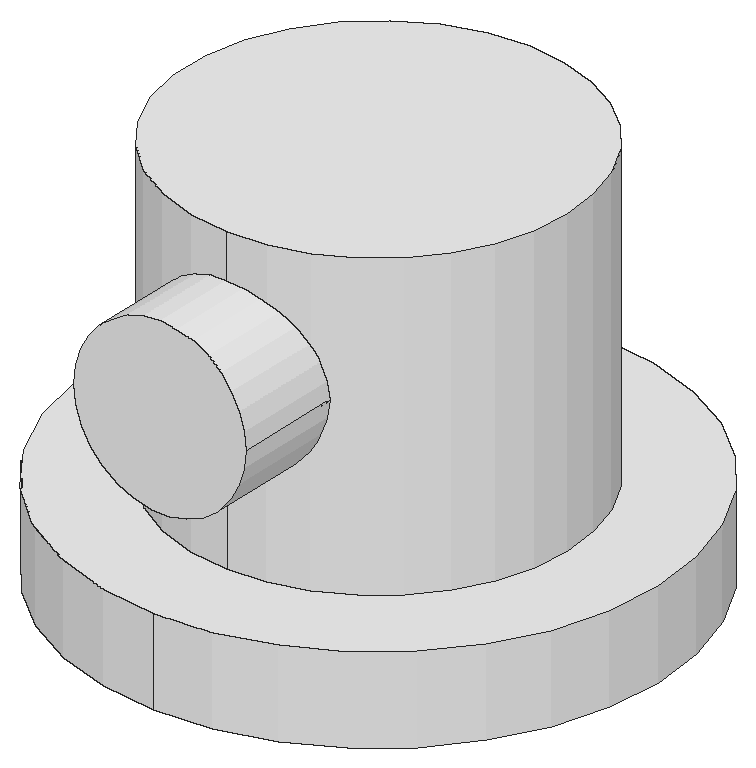
Revit family "Spout-BathSpout-WithHandshowerOutlet-Vitra-OriginSeries-A45223", category Plumbing Fixtures, host Face, Revit 2017
Family settings
  Host = Face
  Round Connector Dimension = Use Diameter
  Part Type = Normal
  OmniClass Number = 23.45.55.17
  OmniClass Title = Mixing Faucets
  Cut with Voids When Loaded = No
  Shared = Yes
  Room Calculation Point = No
Parameters (values of type "Spout-BathSpout-WithHandshowerOutlet-Vitra-OriginSeries-A45223")
  Youtube = "https://www.youtube.com/user/VitrAglobal"
  Weight Net (kg) = "0.42"
  Waste Connection = no
  Warranty Period (Year) = "10 Years"
  Vent Connection = no
  Uniformat II Description = "Plumbing Fixture"
  Uniformat II Code = "22 40 00"
  Uniclass 2015 Name = "Bath taps"
  Uniclass 2015 Code = "Pr_40_20_87_98"
  Uniclass 2.0 Description = "Mixer taps"
  Uniclass 2.0 Code = "Pr_40_20_87_09"
  Uniclass 1.4 Description = "Mixer taps"
  Uniclass 1.4 Code = "L725111"
  URL = "https://vitraglobal.com/"
  UNSPSC Description = ""
  UNSPSC Code = "301815"
  Test Pressure = "16 bar"
  Technical description = "https://www.vitra.co.uk/pdf/A45223/"
  Tap hole Options (default) = ""
  Specification = ""
  Region South America = "All"
  Region Oceania = "All"
  Region North America = "All"
  Region Middle East = "All"
  Region Europe = "All"
  Region Asia = "All"
  Region Antarctica = "All"
  Region Africa = "All"
  Range of flow pressure = "1 - 5 bar"
  Range of Hot Water Supply = "5 - 65 °C"
  Product url = "https://www.vitra.co.uk/shower-systems/handshower-sets/hand-shower-outlet-for-hand-shower-kit-sku-A45223/"
  Product manual = ""
  Product group = "Origin Handshower Outlet"
  Product family = "Origin Built-in Handshower outlet"
  Product data url = ""
  Product certification = "https://www.vitraglobal.com/brochures/"
  Product Type = "Built-In Handshower Outlet"
  Product SKU = "A45223"
  Product Properties = "Built-In Handshower Outlet - Wall Mounted"
  Product Guid = ""
  OmniClass Description = "Mixing Faucets"
  OmniClass Code = "23.45.55.17"
  Number Of Connections = "1"
  Nominal Width (mm) = 65 mm
  Nominal Height (mm) = 65 mm
  Nominal Depth (mm) = 45 mm
  NBS Referans Description = "Water supply fittings for wash basins and troughs"
  NBS Referans Code = "45-35-70/371"
  Mounting type = "Wall-mounted"
  Model = "A45223"
  Min. flow pressure of = "0.5 bar"
  Masterformat 2014 Description = "Plumbing Fixtures"
  Masterformat 2014 Code = "22 40 00"
  Manufacturer name = "Vitra"
  Manufacturer = "Vitra"
  Main Material = "Brass"
  Installation instructions = ""
  IFC Classification = "Sanitary Terminal"
  Hot Water temperature, factory set to = "38 °C"
  Hot Water Supply (max.) = "80 °C"
  Help = ""
  HW Connection = yes
  GTIP code = ""
  Flow Rate(L/min. - 3 bar) = ""
  Features = ""
  EAN code = ""
  Design country = "Turkey"
  Description = "Origin Bath Spout with Handshower Outlet"
  Default Elevation = 850 mm
  Connection Diameter (mm) = 15 mm
  Color = "Chrome"
  Coating Material = Chrome
  Calculated flow = ""
  CW Connection = yes
  COBIe Type Category = ""
  Brand = "VitrA"
  BIMobject category = "Bath/Shower Mixer"
  Article No. (default) = "A45223"
  Approvals = ""
  ApplicationType = ""
  Accessories (default) = ""
Types (3, lengths in mm): name | Technical description | Product url | Product SKU | Model | Color | Coating Material | Article No. (default)
  (no name) | "https://www.vitra.co.uk/pdf/A45223/" | "https://www.vitra.co.uk/shower-systems/handshower-sets/hand-shower-outlet-for-hand-shower-kit-sku-A45223/" | "A45223" | "A45223" | "Chrome" | Chrome | "A45223"
  Spout-BathSpout-WithHandshowerOutlet-Vitra-OriginSeries-A45223 | "https://www.vitra.co.uk/pdf/A45223/" | "https://www.vitra.co.uk/shower-systems/handshower-sets/hand-shower-outlet-for-hand-shower-kit-sku-A45223/" | "A45223" | "A45223" | "Chrome" | Chrome | "A45223"
  Spout-BathSpout-WithHandshowerOutlet-Vitra-OriginSeries-A4522323 | "https://www.vitraglobal.com/pdf/A4522323/" | "https://www.vitraglobal.com/taps-mixers/bath-shower-mixers/bath-spouts/origin-built-in-handshower-outlet-sku-A4522323/" | "A4522323" | "A4522323" | "Gold" | Gold | "A4522323"
Reference planes
  plane 1 "Center (Front/Back)": y = 0
  plane 2: z = 0
  plane 3 "Center (Left/Right)": x = 0
  plane 4: z = 45
  plane 5: y = 32.5
  plane 6: y = -32.5
  plane 7: x = 32.5
  plane 8: x = -32.5
Forms (mm)
  Extrusion 1, solid, material "Chrome" <- "Coating Material", detail levels medium+fine
    sketch origin (0, 0, 0) x (0, -1, 0) y (1, 0, 0)
      loop
        circle (0, 0) r 32.5
    from 0 to 10
  Extrusion 2, solid, material "Chrome" <- "Coating Material", detail levels medium+fine
    sketch origin (0, 0, 0) x (0, -1, 0) y (1, 0, 0)
      loop
        circle (0, 0) r 22
    from 10 to 45
  Extrusion 3, solid, material "Chrome" <- "Coating Material", detail levels medium+fine
    sketch origin (0, 0, 0) x (1, 0, 0) y (0, 0, 1)
      loop
        circle (0, 30) r 10
    from 0 to 31.572
  Extrusion 4, solid, detail levels coarse
    sketch origin (0, 0, 0) x (1, 0, 0) y (0, 1, 0)
      loop
        circle (0, 0) r 32.5
    from 0 to 45
Cuts and joins
  joined: Extrusion 1, Extrusion 2, Extrusion 3
Dimensions and locks
  "Nominal Depth (mm)": plane 4 to host face
  "Nominal Width (mm)": plane 8 to plane 7
  "Nominal Height (mm)": plane 5 to plane 6
  aligned and locked: plane 2 to host face
  aligned and locked: level to host face
  aligned and locked: plane 4 to cut or joined group of Extrusion 1, Extrusion 2, Extrusion 3
Automatic sketch dimensions
  host sketch curve to host sketch curve = 2438.4 mm  (x2)
  plane 1 "Center (Front/Back)" to Extrusion 1 sketch curve = 0 mm
  Extrusion 1 sketch curve to plane 3 "Center (Left/Right)" = 0 mm
  plane 1 "Center (Front/Back)" to Extrusion 2 sketch curve = 0 mm
  Extrusion 2 sketch curve to plane 3 "Center (Left/Right)" = 0 mm
  Extrusion 3 sketch curve to plane 3 "Center (Left/Right)" = 0 mm
  Extrusion 3 sketch curve to plane 4 = 15 mm
  plane 1 "Center (Front/Back)" to Extrusion 4 sketch curve = 0 mm
  Extrusion 4 sketch curve to plane 3 "Center (Left/Right)" = 0 mm
  radius of Extrusion 1 sketch curve = 32.5 mm
  radius of Extrusion 2 sketch curve = 22 mm
  radius of Extrusion 3 sketch curve = 10 mm
  radius of Extrusion 4 sketch curve = 32.5 mm
Connectors
  piping at (0, -31.572, 30), diameter 15, driven by "Connection Diameter (mm)"
    settings: on cut or joined group of Extrusion 1, Extrusion 2, Extrusion 3, index 1, connector inside diameter 609.6 mm, connector length 0 mm, flow factor 0, pipe flow 0.0 L/s, pressure drop 0.0 Pa, fitting loss kfactor 0, connector angle 0.00°, fixture units 0, engagement length 0 mm, angle of deflection 0.00°, flow configuration 0, flow direction 1, fitting loss method 0, system type 22, joint type 0, gender type 0, connector reference index -1, connector utility 0, adjustable connector no, is connector primary yes, connector description ""
